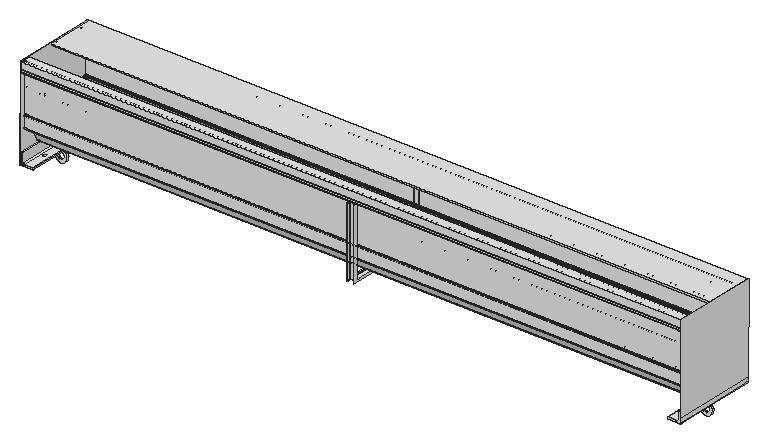
Revit family "Window_Shade-Draper_Inc.-Colossal_Flex_Shade", category Specialty Equipment, host Face, Revit 2026
Family settings
  Host = Face
  Round Connector Dimension = Use Diameter
  Part Type = Normal
  Classification Number = 23.30.20.11
  Enable Cutting in Views = No
  Cut with Voids When Loaded = No
  Maintain Annotation Orientation = No
  Shared = No
  Room Calculation Point = No
Parameters (values of type "Colossal Flex Shade - 8'")
  Width = 1' - 0"  # constant formula
  Voltage = 120 V
  URL = "http://www.draperinc.com"
  Support Two = if(and(C Length > 14' 11", C Length < 19' 11"), 1 = 1, 1 = 0)  # no
  Support Three = C Length > 19' 11"  # no
  Support One = if(and(C Length > 7' 11", C Length < 14' 11"), 1 = 1, 1 = 0)  # yes
  Shade Material = Fabric - Draper - SunBloc - Series SB900
  Raised [instance] = not(Lowered)  # yes
  Product Page URL = "http://www.draperinc.com/WindowShades/shadeProducts.asp?detail=7"
  Product Documentation Link = "http://www.draperinc.com/filedownload.asp?pathname=WindowShades/submittals&filename=ColossalFlexShade_Sub.pdf"
  Power Factor = 1
  Phase = 1
  Overall Height = 7' - 0"
  Number of Poles = 1
  Notes = "Maximum size 28’-9” wide x 36’ height. Other sizes available. Contact Draper for details."  # constant formula
  Model = "Colossal FlexShade"  # constant formula
  Material = ""
  Manufacturer = "Draper Inc."  # constant formula
  Lowered [instance] = no
  Length = 8' - 0"
  Frequency = 60 Hz
  Description = "Window Shade"  # constant formula
  Default Elevation = if(Overall Height < 0' 4", 0' 4", if(Overall Height > 36' 0", 36' 0", Overall Height))  # 7' - 0"
  Case Material = Paint - Draper - White
  C Length = if(Length < 3' 0", 3' 0", if(Length > 28' 9", 28' 9", Length))  # 8' - 0"
  C Height = 7' - 0"
  Apparent Load = 132 VA
Reference planes (in)
  plane 1 "Center (Front/Back)": y = 0
  plane 2: z = 0
  plane 3 "Center (Left/Right)": x = 0
  plane 4 "Left": x = -48
  plane 5 "Right": x = 48
  plane 6: x = -47
  plane 7: x = 47
  plane 8 "Back": y = 6
  plane 9 "Front": y = -6
  plane 10: x = -47.09375
  plane 11: x = 47.09375
  plane 12: z = 0.12194
  plane 13 "Top": z = 84.12194
  plane 14: x = -41
  plane 15: x = 41
  plane 16: z = -11.33477
  plane 17 "Bottom": z = -13.25
Forms (in)
  Extrusion 1, solid, material "Paint - Draper - White" <- "Case Material"
    sketch origin (0, 0, 0) x (0, 1, 0) y (0, 0, 1)
      loop
        line (6, 0) -> (-0.725, 0) -> (-0.725, -0.24) -> (-0.59494, -0.24) -> (-0.59494, -0.17) -> (-0.655, -0.17) -> (-0.655, -0.1) -> (-0.025, -0.1) -> (-0.025, -0.17) -> (-0.08496, -0.17) -> (-0.08496, -0.24) -> (-0.025, -0.24) -> (-0.025, -0.35) -> (0.055, -0.35) -> (0.055, -0.1) -> (1.375, -0.1) -> (1.375, -0.18) -> (1.625, -0.18) -> (1.625, -0.1) -> (2.945, -0.1) -> (2.945, -0.18) -> (3.195, -0.18) -> (3.195, -0.1) -> (4.525, -0.1) -> (4.525, -0.228)
        arc (4.525, -0.228) -> (4.5578, -0.3072) -> (4.637, -0.34) r 0.112
        line (4.637, -0.34) -> (5.03193, -0.34) -> (5.24843, -0.715)
        arc (5.24843, -0.715) -> (5.33452, -0.80027) -> (5.452, -0.82996) r 0.23
        line (5.452, -0.82996) -> (5.452, -1.21) -> (5.9, -1.21) -> (5.9, -1.38) -> (5.452, -1.38) -> (5.452, -3.41773)
        arc (5.452, -3.41773) -> (5.28517, -3.38574) -> (5.1484, -3.4865) r 0.212
        line (5.1484, -3.4865) -> (5.23501, -3.5365)
        arc (5.23501, -3.5365) -> (5.444, -3.5925) -> (5.23501, -3.6485) r 0.112
        line (5.23501, -3.6485) -> (5.1484, -3.6985)
        arc (5.1484, -3.6985) -> (5.28517, -3.79926) -> (5.452, -3.76727) r 0.212
        line (5.452, -3.76727) -> (5.452, -6.63118)
        arc (5.452, -6.63118) -> (5.37307, -6.59925) -> (5.2945, -6.63206) r 0.112
        line (5.2945, -6.63206) -> (5.245, -6.68155) -> (5.1955, -6.63206)
        arc (5.1955, -6.63206) -> (5.11631, -6.59925) -> (5.03711, -6.63206) r 0.112
        line (5.03711, -6.63206) -> (4.97206, -6.69711)
        arc (4.97206, -6.69711) -> (4.93925, -6.77631) -> (4.97206, -6.8555) r 0.112
        line (4.97206, -6.8555) -> (5.0213, -6.90475) -> (4.97206, -6.954)
        arc (4.97206, -6.954) -> (4.93925, -7.03319) -> (4.97206, -7.11239) r 0.112
        line (4.97206, -7.11239) -> (5.03711, -7.17744)
        arc (5.03711, -7.17744) -> (5.11631, -7.21025) -> (5.1955, -7.17744) r 0.112
        line (5.1955, -7.17744) -> (5.245, -7.12795) -> (5.2945, -7.17744)
        arc (5.2945, -7.17744) -> (5.37307, -7.21025) -> (5.452, -7.17832) r 0.112
        line (5.452, -7.17832) -> (5.452, -8.6795) -> (4.452, -8.6795)
        arc (4.452, -8.6795) -> (4.39386, -8.69577) -> (4.35261, -8.73986) r 0.112
        line (4.35261, -8.73986) -> (3.18206, -10.99274)
        arc (3.18206, -10.99274) -> (3.10408, -10.91071) -> (2.995, -10.8805) r 0.212
        line (2.995, -10.8805) -> (2.995, -10.9805)
        arc (2.995, -10.9805) -> (3.051, -11.18949) -> (2.89801, -11.0365) r 0.112
        line (2.89801, -11.0365) -> (2.8114, -10.9865)
        arc (2.8114, -10.9865) -> (2.78316, -11.10078) -> (2.82023, -11.2125) r 0.212
        line (2.82023, -11.2125) -> (0.27382, -11.2125)
        arc (0.27382, -11.2125) -> (0.30575, -11.13357) -> (0.27294, -11.055) r 0.112
        line (0.27294, -11.055) -> (0.22345, -11.0055) -> (0.27294, -10.956)
        arc (0.27294, -10.956) -> (0.30575, -10.87681) -> (0.27294, -10.79761) r 0.112
        line (0.27294, -10.79761) -> (0.20789, -10.73256)
        arc (0.20789, -10.73256) -> (0.12869, -10.69975) -> (0.0495, -10.73256) r 0.112
        line (0.0495, -10.73256) -> (0, -10.78205) -> (-0.0495, -10.73256)
        arc (-0.0495, -10.73256) -> (-0.12869, -10.69975) -> (-0.20789, -10.73256) r 0.112
        line (-0.20789, -10.73256) -> (-0.27294, -10.79761)
        arc (-0.27294, -10.79761) -> (-0.30575, -10.87681) -> (-0.27294, -10.956) r 0.112
        line (-0.27294, -10.956) -> (-0.22345, -11.0055) -> (-0.27294, -11.055)
        arc (-0.27294, -11.055) -> (-0.30575, -11.13357) -> (-0.27382, -11.2125) r 0.112
        line (-0.27382, -11.2125) -> (-2.82023, -11.2125)
        arc (-2.82023, -11.2125) -> (-2.78316, -11.10078) -> (-2.8114, -10.9865) r 0.212
        line (-2.8114, -10.9865) -> (-2.89801, -11.0365)
        arc (-2.89801, -11.0365) -> (-3.051, -11.18949) -> (-2.995, -10.9805) r 0.112
        line (-2.995, -10.9805) -> (-2.995, -10.8805)
        arc (-2.995, -10.8805) -> (-3.10408, -10.91071) -> (-3.18206, -10.99274) r 0.212
        line (-3.18206, -10.99274) -> (-4.35261, -8.73986)
        arc (-4.35261, -8.73986) -> (-4.39386, -8.69577) -> (-4.452, -8.6795) r 0.112
        line (-4.452, -8.6795) -> (-5.452, -8.6795) -> (-5.452, -7.17832)
        arc (-5.452, -7.17832) -> (-5.37307, -7.21025) -> (-5.2945, -7.17744) r 0.112
        line (-5.2945, -7.17744) -> (-5.245, -7.12795) -> (-5.1955, -7.17744)
        arc (-5.1955, -7.17744) -> (-5.11631, -7.21025) -> (-5.03711, -7.17744) r 0.112
        line (-5.03711, -7.17744) -> (-4.97206, -7.11239)
        arc (-4.97206, -7.11239) -> (-4.93925, -7.03319) -> (-4.97206, -6.954) r 0.112
        line (-4.97206, -6.954) -> (-5.0213, -6.90475) -> (-4.97206, -6.8555)
        arc (-4.97206, -6.8555) -> (-4.93925, -6.77631) -> (-4.97206, -6.69711) r 0.112
        line (-4.97206, -6.69711) -> (-5.03711, -6.63206)
        arc (-5.03711, -6.63206) -> (-5.11631, -6.59925) -> (-5.1955, -6.63206) r 0.112
        line (-5.1955, -6.63206) -> (-5.245, -6.68155) -> (-5.2945, -6.63206)
        arc (-5.2945, -6.63206) -> (-5.37307, -6.59925) -> (-5.452, -6.63118) r 0.112
        line (-5.452, -6.63118) -> (-5.452, -3.76727)
        arc (-5.452, -3.76727) -> (-5.28517, -3.79926) -> (-5.1484, -3.6985) r 0.212
        line (-5.1484, -3.6985) -> (-5.23501, -3.6485)
        arc (-5.23501, -3.6485) -> (-5.444, -3.5925) -> (-5.23501, -3.5365) r 0.112
        line (-5.23501, -3.5365) -> (-5.1484, -3.4865)
        arc (-5.1484, -3.4865) -> (-5.28517, -3.38574) -> (-5.452, -3.41773) r 0.212
        line (-5.452, -3.41773) -> (-5.452, -1.38) -> (-5.9, -1.38) -> (-5.9, -1.21) -> (-5.452, -1.21) -> (-5.452, -0.84) -> (-5.9, -0.84) -> (-5.9, -0.1) -> (-5.632, -0.1)
        arc (-5.632, -0.1) -> (-5.72936, -0.24664) -> (-5.6824, -0.41627) r 0.212
        line (-5.6824, -0.41627) -> (-5.6058, -0.35199)
        arc (-5.6058, -0.35199) -> (-5.48169, -0.17475) -> (-5.50055, -0.3903) r 0.112
        line (-5.50055, -0.3903) -> (-5.48319, -0.48878)
        arc (-5.48319, -0.48878) -> (-5.31186, -0.32025) -> (-5.408, -0.1) r 0.212
        line (-5.408, -0.1) -> (-4.695, -0.1) -> (-4.695, -0.17) -> (-4.75501, -0.17) -> (-4.75501, -0.24) -> (-4.625, -0.24) -> (-4.625, 0) -> (-6, 0) -> (-6, -0.94) -> (-5.552, -0.94) -> (-5.552, -1.11) -> (-6, -1.11) -> (-6, -1.368)
        arc (-6, -1.368) -> (-5.9672, -1.4472) -> (-5.888, -1.48) r 0.112
        line (-5.888, -1.48) -> (-5.552, -1.48) -> (-5.552, -6.82095) -> (-5.46845, -6.9045) -> (-5.552, -6.98805) -> (-5.552, -8.6675)
        arc (-5.552, -8.6675) -> (-5.5192, -8.7467) -> (-5.44, -8.7795) r 0.112
        line (-5.44, -8.7795) -> (-4.44471, -8.7795) -> (-3.19022, -11.19393)
        arc (-3.19022, -11.19393) -> (-3.1092, -11.28054) -> (-2.995, -11.3125) r 0.22
        line (-2.995, -11.3125) -> (-0.08355, -11.3125) -> (0, -11.22895) -> (0.08355, -11.3125) -> (2.995, -11.3125)
        arc (2.995, -11.3125) -> (3.1092, -11.28054) -> (3.19022, -11.19393) r 0.22
        line (3.19022, -11.19393) -> (4.44471, -8.7795) -> (5.44, -8.7795)
        arc (5.44, -8.7795) -> (5.5192, -8.7467) -> (5.552, -8.6675) r 0.112
        line (5.552, -8.6675) -> (5.552, -6.98805) -> (5.4687, -6.90475) -> (5.552, -6.82145) -> (5.552, -1.48) -> (5.888, -1.48)
        arc (5.888, -1.48) -> (5.9672, -1.4472) -> (6, -1.368) r 0.112
        line (6, -1.368) -> (6, -1.11) -> (5.552, -1.11) -> (5.552, -0.94) -> (6, -0.94) -> (6, 0)
    from -47 to 47
  Extrusion 2, solid, material "Paint - Draper - White" <- "Case Material"
    sketch origin (0, 0, 0) x (0, 1, 0) y (0, 0, 1)
      loop
        line (-6, -13.25) -> (6, -13.25) -> (6, 0) -> (-6, 0) -> (-6, -13.25)
    from -47.09375 to -47
  Extrusion 3, solid, material "Paint - Draper - White" <- "Case Material"
    sketch origin (0, 0, 0) x (0, 1, 0) y (0, 0, 1)
      loop
        line (6, -12.4851) -> (6, 0) -> (-6, 0) -> (-6, -12.4851) -> (6, -12.4851)
    from 47 to 47.09375
  Extrusion 4, void
    sketch origin (0, 0, 0) x (1, 0, 0) y (0, 1, 0)
      loop
        line (-47.09375, 6) -> (-47.09375, -6) -> (47.09375, -6) -> (47.09375, 6) -> (-47.09375, 6)
    from -13.12806 to 0.12194
  Extrusion 5, solid, material "Fabric - Draper - SunBloc - Series SB900" <- "Shade Material", visible <- "Lowered"
    sketch origin (0, 0, 0) x (0, 1, 0) y (0, 0, 1)
      loop
        line (-3.2475, 82.01885) -> (-3.1875, 82.01885) -> (-3.1875, 82.26885) -> (-2.66596, 82.7904)
        arc (-2.66596, 82.7904) -> (-3.2175, 84.12194) -> (-3.76904, 82.7904) r 0.78
        line (-3.76904, 82.7904) -> (-3.2475, 82.26885) -> (-3.2475, 82.01885)
    from -41 to 41
  Sweep 6, solid, material "Fabric - Draper - SunBloc - Series SB900" <- "Shade Material", visible <- "Lowered"
    path origin (0, 0, 0) x (0, 1, 0) y (0, 0, 1)
      loop
        line (-3.2175, 82.12194) -> (-3.2175, -3.49177)
    profile origin (0, -3.2175, 39.31509) x (1, 0, 0) y (0, 1, 0)
      loop
        line (-41, 0.03125) -> (-41, -0.03125) -> (41, -0.03125) -> (41, 0.03125) -> (-41, 0.03125)
  Extrusion 7, solid, material "Paint - Draper - White" <- "Case Material"
    sketch origin (0, 0, 0) x (0, 1, 0) y (0, 0, 1)
      loop
        circle (-3.5, -1.5) r 0.4375
      loop
        circle (3.5, -1.5) r 0.4375
    from -47.13344 to -47.09375
Lines and regions (in)
  Masking region 1
    outline origin (0, 0, 0) x (1, 0, 0) y (0, 1, 0)
      loop
        line (-47.09375, 6) -> (-47.09375, -6) -> (47.09375, -6) -> (47.09375, 6) -> (-47.09375, 6)
      loop
        line (-47, -0.725) -> (-47, -4.35261) -> (47, -4.35261) -> (47, -0.725) -> (-47, -0.725)
  symbolic lines, detail levels fine
    curve 1: line (-46.75, -3.99901, 0) -> (-46.75, 3.99901, 0)
    curve 2: line (46.75, 3.99901, 0) -> (46.75, -3.99901, 0)
Dimensions and locks (in)
  equal spacing: plane 4 "Left", plane 3 "Center (Left/Right)", plane 5 "Right"
  "C Length": plane 4 "Left" to plane 5 "Right"
  plane 4 "Left" to plane 6 = 0' - 1"
  plane 7 to plane 5 "Right" = 0' - 1"
  locked: plane 10 to plane 6 at 0.09375
  locked: plane 7 to plane 11 at 0.09375
  locked: plane 12 to plane 2 at 0.12194
  equal spacing: Extrusion 4 sketch curve, plane 1 "Center (Front/Back)", Extrusion 4 sketch curve
  Extrusion 4 sketch curve to Extrusion 4 sketch curve = 1' - 0"
  "C Height": plane 13 "Top" to plane 12
  locked: plane 15 to plane 5 "Right" at 7
  locked: plane 4 "Left" to plane 14 at 7
  locked: plane 2 to Sweep 6 sketch curve at 3.49177
  locked: plane 13 "Top" to Sweep 6 sketch curve at 2
  Sweep 6 sketch curve to profile plane to Sweep 6 sketch curve = 0' - 0 1/32" locked, 0' - 0 1/32" locked
  Extrusion 2 sketch curve to plane 1 "Center (Front/Back)" to Extrusion 2 sketch curve = 0' - 6" locked, 0' - 6" locked
  Extrusion 3 sketch curve to plane 1 "Center (Front/Back)" to Extrusion 3 sketch curve = 0' - 6" locked, 0' - 6" locked
  plane 2 to Extrusion 2 = 1' - 1 1/4"
  plane 13 "Top" to Extrusion 5 sketch curve = 0' - 0"
  plane 13 "Top" to Extrusion 5 sketch curve to Extrusion 5 sketch curve = 0' - 1.85309" locked, 0' - 0 1/4" locked
  locked: plane 13 "Top" to Extrusion 5 sketch curve at 1.85309
  locked: nested 3 to plane 9 "Front" at 0.01172  (x2)
  equal spacing: plane 5 "Right", nested 5, nested 4, nested 3, plane 4 "Left"
  locked: nested 4 to plane 9 "Front" at 0.01172
  locked: Extrusion 7 sketch curve to plane 9 "Front" at 2.5
  locked: plane 2 to Extrusion 7 sketch curve at 1.5  (x2)
  locked: plane 8 "Back" to Extrusion 7 sketch curve at 2.5
  locked: plane 10 to Extrusion 7 at 0.03969
  equal spacing: plane 8 "Back", plane 1 "Center (Front/Back)", plane 9 "Front"
  "Width": plane 8 "Back" to plane 9 "Front"
  level to plane 17 "Bottom" = 1' - 1 1/4"
  locked: plane 1 "Center (Front/Back)" to Sweep 6 sketch curve at 3.2175
  plane 1 "Center (Front/Back)" to Extrusion 5 sketch curve to Extrusion 5 sketch curve to Extrusion 5 sketch curve to Extrusion 5 sketch curve = 0' - 2 7/16" locked, 0' - 0 3/4" locked, 0' - 0.06" locked, 0' - 0 3/4" locked
  equal spacing: plane 4 "Left", nested 3, nested 4, nested 5, plane 5 "Right"
  plane 2 to Extrusion 1 sketch curve to Extrusion 1 sketch curve to Extrusion 1 sketch curve to Extrusion 1 sketch curve = 0' - 0.1" locked, 0' - 0.07" locked, 0' - 0.07" locked, 0' - 0.11" locked
  plane 2 to Extrusion 1 sketch curve to Extrusion 1 sketch curve to Extrusion 1 sketch curve to Extrusion 1 sketch curve to Extrusion 1 sketch curve to Extrusion 1 sketch curve to Extrusion 1 sketch curve to Extrusion 1 sketch curve to Extrusion 1 sketch curve to Extrusion 1 sketch curve to Extrusion 1 sketch curve to Extrusion 1 sketch curve to Extrusion 1 sketch curve to Extrusion 1 sketch curve to Extrusion 1 sketch curve to Extrusion 1 sketch curve to Extrusion 1 sketch curve to Extrusion 1 sketch curve to Extrusion 1 sketch curve to Extrusion 1 sketch curve to Extrusion 1 sketch curve to Extrusion 1 sketch curve to Extrusion 1 sketch curve to Extrusion 1 sketch curve to Extrusion 1 sketch curve to Extrusion 1 sketch curve to Extrusion 1 sketch curve to Extrusion 1 sketch curve to Extrusion 1 sketch curve to Extrusion 1 sketch curve = 0' - 0.18" locked, 0' - 0.16" locked, 0' - 0.48996" locked, 0' - 0.11004" locked, 0' - 0.17" locked, 0' - 0.1" locked, 0' - 0.17" locked, 0' - 0.1" locked, 0' - 1.9005" locked, 0' - 0.1" locked, 0' - 0.324" locked, 0' - 2.79475" locked, 0' - 0" locked, 0' - 0.22219" locked, 0' - 0.03406" locked, 0' - 0.04925" locked, 0' - 0.04925" locked, 0' - 0.03406" locked, 0' - 0.22219" locked, 0' - 0" locked, 0' - 1.46925" locked, 0' - 0.1" locked, 0' - 1.95306" locked, 0' - 0.06505" locked, 0' - 0.08289" locked, 0' - 0.0755" locked, 0' - 0.17819" locked, 0' - 0 9/128" locked, 0' - 0.008" locked, 0' - 0.1" locked
  plane 8 "Back" to Extrusion 1 sketch curve to Extrusion 1 sketch curve to Extrusion 1 sketch curve to Extrusion 1 sketch curve to Extrusion 1 sketch curve to Extrusion 1 sketch curve to Extrusion 1 sketch curve to Extrusion 1 sketch curve to Extrusion 1 sketch curve to Extrusion 1 sketch curve to Extrusion 1 sketch curve to Extrusion 1 sketch curve to Extrusion 1 sketch curve to Extrusion 1 sketch curve = 0' - 0.1" locked, 0' - 0.348" locked, 0' - 0.1" locked, 0' - 0.42007" locked, 0' - 0.50693" locked, 0' - 1.33" locked, 0' - 0 1/4" locked, 0' - 1.32" locked, 0' - 0 1/4" locked, 0' - 1.32" locked, 0' - 0.08" locked, 0' - 0.05996" locked, 0' - 0.50998" locked, 0' - 0.06006" locked
  Extrusion 1 sketch curve to Extrusion 1 sketch curve to Extrusion 1 sketch curve to Extrusion 1 sketch curve to Extrusion 1 sketch curve to Extrusion 1 sketch curve to Extrusion 1 sketch curve to Extrusion 1 sketch curve to Extrusion 1 sketch curve to Extrusion 1 sketch curve to plane 9 "Front" = 0' - 0.07" locked, 0' - 0.06001" locked, 0' - 0.55299" locked, 0' - 0.144" locked, 0' - 0.1" locked, 0' - 0.08" locked, 0' - 0.1" locked, 0' - 0.168" locked, 0' - 0" locked, 0' - 0.1" locked
  plane 2 to Extrusion 1 sketch curve to Extrusion 1 sketch curve to Extrusion 1 sketch curve to Extrusion 1 sketch curve to Extrusion 1 sketch curve to Extrusion 1 sketch curve to Extrusion 1 sketch curve to Extrusion 1 sketch curve to Extrusion 1 sketch curve to Extrusion 1 sketch curve to Extrusion 1 sketch curve to Extrusion 1 sketch curve to Extrusion 1 sketch curve to Extrusion 1 sketch curve to Extrusion 1 sketch curve to Extrusion 1 sketch curve to Extrusion 1 sketch curve to Extrusion 1 sketch curve to Extrusion 1 sketch curve to Extrusion 1 sketch curve to Extrusion 1 sketch curve to Extrusion 1 sketch curve to Extrusion 1 sketch curve to Extrusion 1 sketch curve to Extrusion 1 sketch curve to Extrusion 1 sketch curve to Extrusion 1 sketch curve to Extrusion 1 sketch curve to Extrusion 1 sketch curve to Extrusion 1 sketch curve = 0' - 0.168" locked, 0' - 0.002" locked, 0' - 0.07" locked, 0' - 0.252" locked, 0' - 0.348" locked, 0' - 0.1" locked, 0' - 0.17" locked, 0' - 0.1" locked, 0' - 0.17" locked, 0' - 0.1" locked, 0' - 1.9005" locked, 0' - 0.1" locked, 0' - 0.324" locked, 0' - 2.79475" locked, 0' - 0" locked, 0' - 0.09786" locked, 0' - 0.12384" locked, 0' - 0.03456" locked, 0' - 0.049" locked, 0' - 0.0495" locked, 0' - 0.03406" locked, 0' - 0.12434" locked, 0' - 0.09786" locked, 0' - 0" locked, 0' - 1.46925" locked, 0' - 0.1" locked, 0' - 2.101" locked, 0' - 0.212" locked, 0' - 0.12" locked, 0' - 0.1" locked
  Extrusion 1 sketch curve to Extrusion 1 sketch curve to plane 1 "Center (Front/Back)" to Extrusion 1 sketch curve to Extrusion 1 sketch curve = 0' - 0.15839" locked, 0' - 0.0495" locked, 0' - 0.20789" locked, 0' - 0.06505" locked
  Extrusion 1 sketch curve to Extrusion 1 sketch curve to Extrusion 1 sketch curve to Extrusion 1 sketch curve to plane 1 "Center (Front/Back)" to Extrusion 1 sketch curve to Extrusion 1 sketch curve to Extrusion 1 sketch curve to Extrusion 1 sketch curve to Extrusion 1 sketch curve = 0' - 0.00088" locked, 0' - 0.0495" locked, 0' - 0.13989" locked, 0' - 0.08355" locked, 0' - 0" locked, 0' - 0.08355" locked, 0' - 0.13989" locked, 0' - 0.0495" locked, 0' - 0.00088" locked
  equal spacing: plane 4 "Left", nested 6, nested 7, plane 5 "Right"
  aligned and locked: plane 2 to host face
  aligned and locked: Extrusion 1 to plane 6
  aligned and locked: Extrusion 1 to plane 7
  aligned and locked: Extrusion 2 to Extrusion 1
  aligned and locked: Extrusion 2 to plane 10
  aligned and locked: Extrusion 3 to plane 11
  aligned and locked: Extrusion 3 to Extrusion 1
  aligned and locked: Extrusion 5 to plane 14
  aligned and locked: Extrusion 5 to plane 15
  aligned and locked: Sweep 6 sketch curve to plane 14
  aligned and locked: Sweep 6 sketch curve to plane 15
  aligned and locked: plane 1 "Center (Front/Back)" to nested 1
  aligned and locked: nested 1 to plane 6
  aligned and locked: plane 7 to nested 2
  aligned and locked: plane 2 to Extrusion 2 sketch curve
  aligned and locked: Masking region 1 sketch curve to plane 8 "Back"
  aligned and locked: plane 9 "Front" to Masking region 1 sketch curve
  aligned and locked: plane 10 to Masking region 1 sketch curve
  aligned and locked: plane 11 to Masking region 1 sketch curve
  aligned and locked: plane 11 to Extrusion 4 sketch curve
  aligned and locked: plane 10 to Extrusion 4 sketch curve
  aligned and locked: Extrusion 7 to Extrusion 2
  aligned and locked: Extrusion 1 sketch curve to Extrusion 3  (x2)
  aligned and locked: plane 17 "Bottom" to Extrusion 2 sketch curve
  aligned and locked: Extrusion 1 to Masking region 1 sketch curve
  aligned and locked: Masking region 1 sketch curve to Extrusion 1  (x2)
  aligned and locked: plane 6 to Masking region 1 sketch curve
  aligned and locked: plane 16 to nested 4
  aligned and locked: plane 16 to nested 5
  aligned and locked: plane 16 to nested 3
  aligned and locked: Extrusion 1 sketch curve to Extrusion 1 sketch curve  (x2)
  aligned and locked: plane 16 to nested 6
  aligned and locked: plane 16 to nested 7
  aligned and locked: plane 16 to nested 8
  aligned and locked: plane 3 "Center (Left/Right)" to nested 8
  aligned and locked: nested 6 to plane 1 "Center (Front/Back)"
  aligned and locked: nested 8 to plane 1 "Center (Front/Back)"
  aligned and locked: nested 7 to plane 1 "Center (Front/Back)"
Automatic sketch dimensions
  host sketch curve to host sketch curve = 8' - 0"  (x2)
  plane 9 "Front" to curve 1 = 0' - 2.00099"
  curve 1 to plane 8 "Back" = 0' - 2.00099"
  plane 9 "Front" to curve 2 = 0' - 2.00099"
  curve 2 to plane 8 "Back" = 0' - 2.00099"
  plane 7 to curve 2 = 0' - 0 1/4"
  plane 6 to curve 1 = 0' - 0 1/4"
  Extrusion 3 sketch curve to plane 2 = 0' - 0"
  Extrusion 4 sketch curve to plane 9 "Front" = 0' - 0"
  Extrusion 1 sketch curve to Extrusion 1 sketch curve = 0' - 0"  (x31)
  Extrusion 1 sketch curve to plane 9 "Front" = 0' - 0"  (x2)
  Extrusion 1 sketch curve to plane 2 = 0' - 0"
  Extrusion 1 sketch curve to plane 8 "Back" = 0' - 0"
  Extrusion 1 sketch curve to Extrusion 1 sketch curve = 0' - 0.012"  (x7)
  Extrusion 1 sketch curve to Extrusion 1 sketch curve = 0' - 0.268"
  Extrusion 1 sketch curve to Extrusion 1 sketch curve = 0' - 0.0766"
  Extrusion 1 sketch curve to Extrusion 1 sketch curve = 0' - 0.336"
  Extrusion 1 sketch curve to Extrusion 1 sketch curve = 0' - 0.0858"
  Extrusion 1 sketch curve to Extrusion 1 sketch curve = 0' - 0.01945"
  Extrusion 1 sketch curve to Extrusion 1 sketch curve = 0' - 0.01736"
  Extrusion 1 sketch curve to Extrusion 1 sketch curve = 0' - 0.1"  (x3)
  Extrusion 1 sketch curve to Extrusion 1 sketch curve = 0' - 0.07831"  (x3)
  Extrusion 1 sketch curve to Extrusion 1 sketch curve = 0' - 0.0792"  (x12)
  Extrusion 1 sketch curve to Extrusion 1 sketch curve = 0' - 0.0495"  (x14)
  Extrusion 1 sketch curve to Extrusion 1 sketch curve = 0' - 0.09699"  (x4)
  Extrusion 1 sketch curve to Extrusion 1 sketch curve = 0' - 0.0866"  (x4)
  Extrusion 1 sketch curve to Extrusion 1 sketch curve = 0' - 0.06505"  (x20)
  Extrusion 1 sketch curve to Extrusion 1 sketch curve = 0' - 0.02995"
  Extrusion 1 sketch curve to Extrusion 1 sketch curve = 0' - 0.04925"  (x3)
  Extrusion 1 sketch curve to Extrusion 1 sketch curve = 0' - 0.988"
  Extrusion 1 sketch curve to Extrusion 1 sketch curve = 0' - 0.00729"  (x2)
  Extrusion 1 sketch curve to Extrusion 1 sketch curve = 0' - 1.26178"
  Extrusion 1 sketch curve to Extrusion 1 sketch curve = 0' - 0.00816"  (x2)
  Extrusion 1 sketch curve to Extrusion 1 sketch curve = 0' - 0.07777"
  Extrusion 1 sketch curve to Extrusion 1 sketch curve = 0' - 0.07"  (x2)
  plane 1 "Center (Front/Back)" to Extrusion 1 sketch curve = 0' - 0.025"
  plane 1 "Center (Front/Back)" to Extrusion 1 sketch curve = 0' - 0"
  Extrusion 1 sketch curve to Extrusion 1 sketch curve = 0' - 0.0297"  (x3)
  Extrusion 1 sketch curve to Extrusion 1 sketch curve = 0' - 2.53846"
  Extrusion 1 sketch curve to Extrusion 1 sketch curve = 0' - 0.00883"
  Extrusion 1 sketch curve to plane 2 = 0' - 0.18"
  Extrusion 1 sketch curve to plane 8 "Back" = 0' - 1.64739"
  Extrusion 1 sketch curve to Extrusion 1 sketch curve = 0' - 0.0921"
  Extrusion 1 sketch curve to Extrusion 1 sketch curve = 0' - 0.112"
  Extrusion 1 sketch curve to plane 8 "Back" = 0' - 0.548"
  Extrusion 1 sketch curve to Extrusion 1 sketch curve = 0' - 0.19919"
  Extrusion 1 sketch curve to Extrusion 1 sketch curve = 0' - 0.00438"
  Extrusion 1 sketch curve to Extrusion 1 sketch curve = 0' - 0.12"
  Extrusion 1 sketch curve to Extrusion 1 sketch curve = 0' - 0.095"
  Extrusion 1 sketch curve to Extrusion 1 sketch curve = 0' - 0.03964"
  Extrusion 1 sketch curve to Extrusion 1 sketch curve = 0' - 0.006"  (x2)
  Extrusion 1 sketch curve to Extrusion 1 sketch curve = 0' - 0.01224"  (x2)
  Extrusion 1 sketch curve to Extrusion 1 sketch curve = 0' - 0.00088"  (x2)
  Extrusion 1 sketch curve to Extrusion 1 sketch curve = 0' - 0.06877"  (x2)
  Extrusion 1 sketch curve to Extrusion 1 sketch curve = 0' - 0.05"  (x4)
  Extrusion 1 sketch curve to Extrusion 1 sketch curve = 0' - 0.11496"
  Extrusion 1 sketch curve to Extrusion 1 sketch curve = 0' - 0.07251"
  Extrusion 1 sketch curve to Extrusion 1 sketch curve = 0' - 0.08"  (x3)
  Extrusion 3 sketch curve to plane 16 = 0' - 1.15033"
  Extrusion 5 sketch curve to Extrusion 5 sketch curve = 0' - 0.52154"
  Extrusion 5 sketch curve to plane 13 "Top" = 0' - 1.33154"
  radius of Extrusion 7 sketch curve = 0' - 0 7/16"  (x2)
Nested families (in)
  nested 1: "Bracket_Draper" at (-47, 0, -11.5), type "Bracket_Draper", detail levels medium+fine
  nested 2: "Bracket_Draper" at (47, 0, -11.5) x (-1, 0, 0) z (0, 0, 1), type "Bracket_Draper", detail levels medium+fine
  nested 3: "Strap_Draper" at (-24, -0.00391, -1.71368) x (0, 1, 0) z (0, 0, 1), visible <- "Support Three", type "Strap_Draper", detail levels medium+fine
  nested 4: "Strap_Draper" at (0, -0.00391, -1.71368) x (0, 1, 0) z (0, 0, 1), visible <- "Support Three", type "Strap_Draper", detail levels medium+fine
  nested 5: "Strap_Draper" at (24, -0.00391, -1.71368) x (0, 1, 0) z (0, 0, 1), visible <- "Support Three", type "Strap_Draper", detail levels medium+fine
  nested 6: "Strap_Draper" at (-16, 0, -1.71368) x (0, 1, 0) z (0, 0, 1), visible <- "Support Two", type "Strap_Draper", detail levels medium+fine
  nested 7: "Strap_Draper" at (16, 0, -1.71368) x (0, 1, 0) z (0, 0, 1), visible <- "Support Two", type "Strap_Draper", detail levels medium+fine
  nested 8: "Strap_Draper" at (0, 0, -1.71368) x (0, 1, 0) z (0, 0, 1), visible <- "Support One", type "Strap_Draper", detail levels medium+fine
Connectors (in)
  electrical at (-47.13344, -3.5, -1.5), driven by "Number of Poles", driven by "Voltage", driven by "Apparent Load", driven by "Power Factor"
    settings: on Extrusion 7, index 1, voltage 120 V, apparent load 0 VA, apparent load phase1 132 VA, apparent load phase2 0 VA, apparent load phase3 0 VA, power factor 1, load classification "Other", number of poles 1, system type 31, power factor state 1, is connector primary yes, connector utility no, sub classification motor no, connector description "Power Connection"
Definition of nested family "Bracket_Draper"
  Parameters
    Screw Offset = 0' - 3"
    Material = none
    Manufacturer = "Draper Inc."  # constant formula
    Length = 1' - 0"
    Default Elevation = 0' - 0"
  Reference planes (in)
    plane 1 "Center (Front/Back)": y = 0
    plane 2: z = 0
    plane 3 "Center (Left/Right)": x = 0
    plane 4 "Back": y = 6
    plane 5 "Front": y = -6
    plane 6: y = 3
    plane 7: y = -3
  Forms (in)
    Extrusion 1, solid, material <- "Material"
      sketch origin (0, 0, 0) x (1, 0, 0) y (0, 0, 1)
        loop
          arc (0.4375, -1.5) -> (0.30492, -1.44508) -> (0.25, -1.3125) r 0.1875
          line (0.25, -1.3125) -> (0.25, -0.09375)
          arc (0.25, -0.09375) -> (0.22254, -0.02746) -> (0.15625, 0) r 0.09375
          line (0.15625, 0) -> (0.09375, 0)
          arc (0.09375, 0) -> (0.02746, -0.02746) -> (0, -0.09375) r 0.09375
          line (0, -0.09375) -> (0, -1.71875)
          arc (0, -1.71875) -> (0.00915, -1.74085) -> (0.03125, -1.75) r 0.03125
          line (0.03125, -1.75) -> (1.65625, -1.75)
          arc (1.65625, -1.75) -> (1.72254, -1.72254) -> (1.75, -1.65625) r 0.09375
          line (1.75, -1.65625) -> (1.75, -1.59375)
          arc (1.75, -1.59375) -> (1.72254, -1.52746) -> (1.65625, -1.5) r 0.09375
          line (1.65625, -1.5) -> (0.4375, -1.5)
      from -6 to 6
    Revolve 2, solid, material <- "Material", detail levels fine
      sketch origin (0, 0, 0) x (1, 0, 0) y (0, 0, 1)
        loop
          line (1, -0.25) -> (0.8, -0.25) -> (0.75, -0.30002) -> (0.75, -1.75) -> (1, -1.75) -> (1, -0.25)
        axis (1, -1.75) -> (1, -0.25)
      angle from 0 to 360
    Extrusion 3, solid, material <- "Material", detail levels fine
      sketch origin (0, 3, 0) x (1, 0, 0) y (0, 0, 1)
        loop
          arc (1.55641, -2.07186) -> (1.48819, -1.99007) -> (1.45498, -1.88887) r 0.28338
          line (1.45498, -1.88887) -> (1.45498, -1.75) -> (0.54502, -1.75) -> (0.54502, -1.88887)
          arc (0.54502, -1.88887) -> (0.51193, -1.98986) -> (0.44396, -2.07156) r 0.28338
          arc (0.44396, -2.07156) -> (0.99976, -3.62582) -> (1.55641, -2.07186) r 0.87659
        loop
          circle (1, -2.74923) r 0.49615
      from 2.90657 to 3.09192
    Extrusion 4, void
      sketch origin (0, 0, 0) x (1, 0, 0) y (0, 1, 0)
        loop
          circle (1.00115, 3) r 0.25
      from -1.75 to -1.5
    Extrusion 5, void
      sketch origin (0, 0, 0) x (1, 0, 0) y (0, 1, 0)
        loop
          circle (1, -3) r 0.25
      from -1.75 to -1.5
  Cuts and joins
    Extrusion 4, Extrusion 5 cuts Extrusion 1
  Dimensions and locks (in)
    equal spacing: plane 5 "Front", plane 1 "Center (Front/Back)", plane 4 "Back"
    "Length": plane 4 "Back" to plane 5 "Front"
    locked: Extrusion 1 sketch curve to plane 3 "Center (Left/Right)" at 1.75
    locked: plane 2 to Extrusion 1 sketch curve at 1.75
    locked: Extrusion 1 sketch curve to Extrusion 1 sketch curve at 0.25
    locked: Extrusion 1 sketch curve to plane 3 "Center (Left/Right)" at 0.25
    plane 2 to Extrusion 1 sketch curve to Extrusion 1 sketch curve to Extrusion 1 sketch curve to Extrusion 1 sketch curve = 0' - 0 3/32" locked, 0' - 1 7/32" locked, 0' - 0 9/32" locked, 0' - 0 1/16" locked
    Extrusion 1 sketch curve to Extrusion 1 sketch curve to Extrusion 1 sketch curve to Extrusion 1 sketch curve to plane 3 "Center (Left/Right)" = 0' - 1 7/32" locked, 0' - 0 9/32" locked, 0' - 0 1/16" locked, 0' - 0 3/32" locked
    "Screw Offset": plane 1 "Center (Front/Back)" to plane 7
    "Screw Offset": plane 1 "Center (Front/Back)" to plane 6
    Extrusion 3 to plane 1 "Center (Front/Back)" to Extrusion 3 = 0' - 0.09343" locked, 0' - 0.09192" locked
    Revolve 2 sketch curve to Revolve 2 sketch curve to Revolve 2 sketch curve = 0' - 0.2" locked, 0' - 0.05" locked
    locked: Revolve 2 sketch curve to Revolve 2 sketch curve at 1.5
    locked: Revolve 2 sketch curve to Revolve 2 sketch curve at 0.25
    locked: Extrusion 3 sketch curve to Extrusion 3 sketch curve at 0.90996
    locked: Extrusion 3 sketch curve to Extrusion 3 sketch curve at 1.75319
    locked: Extrusion 3 sketch curve to Extrusion 3 sketch curve at 0.99229
    locked: plane 1 "Center (Front/Back)" to Revolve 2 at 0
    locked: plane 3 "Center (Left/Right)" to Extrusion 4 sketch curve at 1.00115
    locked: plane 6 to Extrusion 4 sketch curve at 0
    locked: plane 3 "Center (Left/Right)" to Extrusion 5 sketch curve at 1
    locked: plane 7 to Extrusion 5 sketch curve at 0
    aligned and locked: plane 2 to level
    aligned and locked: plane 4 "Back" to Extrusion 1
    aligned and locked: Extrusion 1 to plane 5 "Front"
    aligned and locked: level to Extrusion 1 sketch curve
    aligned and locked: Extrusion 1 to Extrusion 5  (x2)
    aligned and locked: Extrusion 1 to Extrusion 4  (x2)
  Automatic sketch dimensions
    Extrusion 1 sketch curve to plane 3 "Center (Left/Right)" = 0' - 0"
    Extrusion 1 sketch curve to Extrusion 1 sketch curve = 0' - 0 1/32"
    plane 3 "Center (Left/Right)" to Revolve 2 sketch curve = 0' - 0 3/4"
    plane 3 "Center (Left/Right)" to Revolve 2 sketch curve = 0' - 1"
    Revolve 2 sketch curve to level = 0' - 2 3/4"
    Revolve 2 sketch curve to Revolve 2 sketch curve = 0' - 1"
    Revolve 2 sketch curve to Revolve 2 sketch curve = 0' - 0.05002"
    level to Revolve 2 sketch curve = 0' - 0.43074"
    Extrusion 3 sketch curve to Extrusion 3 sketch curve = 0' - 0"  (x2)
    plane 3 "Center (Left/Right)" to Extrusion 3 sketch curve = 0' - 0.26396"
    Extrusion 3 sketch curve to Extrusion 3 sketch curve = 0' - 0.18"
    Extrusion 3 sketch curve to Extrusion 3 sketch curve = 0' - 0.10106"
    Extrusion 3 sketch curve to Extrusion 3 sketch curve = 0' - 0.55604"
    Extrusion 3 sketch curve to Extrusion 3 sketch curve = 0' - 0.10143"
    Extrusion 3 sketch curve to Extrusion 3 sketch curve = 0' - 0.17963"
    Extrusion 3 sketch curve to level = 0' - 2.74923"
    Extrusion 3 sketch curve to Extrusion 3 sketch curve = 0' - 0.18299"
    Extrusion 3 sketch curve to Extrusion 3 sketch curve = 0' - 0.18268"
    Extrusion 3 sketch curve to Extrusion 3 sketch curve = 0' - 0.13887"
    radius of Extrusion 4 sketch curve = 0' - 0 1/4"
    radius of Extrusion 5 sketch curve = 0' - 0 1/4"
Definition of nested family "Strap_Draper"
  Parameters
    Material = none
    Manufacturer = "Draper Inc."  # constant formula
    Default Elevation = 0' - 0"
  Reference planes (in)
    plane 1 "Center (Front/Back)": y = 0
    plane 2: z = 0
    plane 3 "Center (Left/Right)": x = 0
  Forms (in)
    Sweep 1, solid, material <- "Material"
      path origin (0, 0, 0) x (1, 0, 0) y (0, 0, 1)
        loop
          line (-5.60937, 0) -> (-5.60937, -9.62109) -> (5.60938, -9.62109) -> (5.60938, 0)
      profile origin (0, 0, -9.62109) x (0, 0, 1) y (0, -1, 0)
        loop
          line (0, -0.5) -> (0, 0.5) -> (-0.375, 0.5) -> (-0.375, 0.45608)
          arc (-0.375, 0.45608) -> (-0.35587, 0.44104) -> (-0.33261, 0.43389) r 0.06655
          line (-0.33261, 0.43389) -> (-0.17814, 0.41611)
          arc (-0.17814, 0.41611) -> (-0.14023, 0.39645) -> (-0.125, 0.35656) r 0.06
          line (-0.125, 0.35656) -> (-0.125, -0.35646)
          arc (-0.125, -0.35646) -> (-0.1402, -0.39642) -> (-0.17814, -0.41611) r 0.06
          line (-0.17814, -0.41611) -> (-0.33261, -0.43389)
          arc (-0.33261, -0.43389) -> (-0.35587, -0.44104) -> (-0.375, -0.45608) r 0.06655
          line (-0.375, -0.45608) -> (-0.375, -0.5) -> (0, -0.5)
  Dimensions and locks (in)
    Sweep 1 sketch curve to profile plane to Sweep 1 sketch curve = 0' - 0 1/2" locked, 0' - 0 1/2" locked
    locked: Sweep 1 sketch curve to profile plane at 0.375  (x2)
    Sweep 1 sketch curve to Sweep 1 sketch curve to profile plane to Sweep 1 sketch curve to Sweep 1 sketch curve = 0' - 0.05966" locked, 0' - 0.35646" locked, 0' - 0.35656" locked, 0' - 0.05956" locked
    locked: Sweep 1 sketch curve to profile plane at 0.125
    aligned and locked: plane 2 to level
